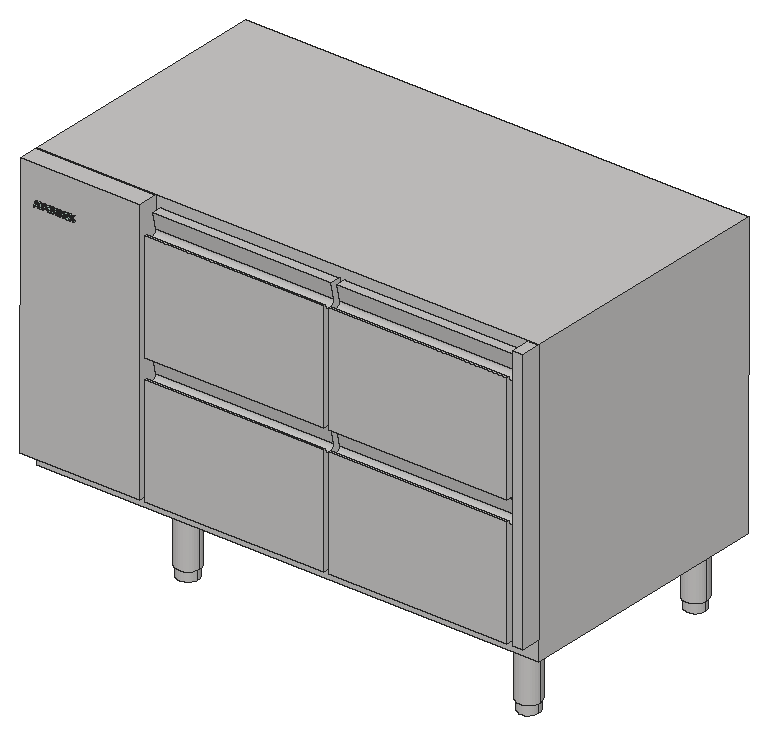
Revit family "QF_ALPENINOX_721031_AK2R7BB", category Attrezzature speciali, Revit 2018 (continued)
Definition of nested family "HPC_APX_BI_TN_L"
  Lines and regions (mm)
    Split face 120
      outline origin (110, -951.3, 50) x (1, 0, 0) y (0, 1, 0)
        loop
          arc (-176.464, 599.474) -> (-172.464, 603.474) -> (-176.464, 607.474) r 4
          line (-176.464, 607.474) -> (-218.464, 607.474)
    Split face 121
      outline origin (220, -951.3, 50) x (1, 0, 0) y (0, 1, 0)
        loop
          arc (-273.464, 607.474) -> (-277.464, 603.474) -> (-273.464, 599.474) r 4
          line (-273.464, 599.474) -> (-231.464, 599.474)
          arc (-231.464, 599.474) -> (-227.464, 603.474) -> (-231.464, 607.474) r 4
          line (-231.464, 607.474) -> (-273.464, 607.474)
    Split face 122
      outline origin (0, -975.3, 50) x (1, 0, 0) y (0, 1, 0)
        loop
          arc (-163.464, 619.474) -> (-167.464, 615.474) -> (-163.464, 611.474) r 4
          line (-163.464, 611.474) -> (-121.464, 611.474)
          arc (-121.464, 611.474) -> (-117.464, 615.474) -> (-121.464, 619.474) r 4
          line (-121.464, 619.474) -> (-163.464, 619.474)
    Split face 123
      outline origin (330, -975.3, 50) x (1, 0, 0) y (0, 1, 0)
        loop
          arc (-328.464, 619.474) -> (-332.464, 615.474) -> (-328.464, 611.474) r 4
          line (-328.464, 611.474) -> (-286.464, 611.474)
          arc (-286.464, 611.474) -> (-282.464, 615.474) -> (-286.464, 619.474) r 4
          line (-286.464, 619.474) -> (-328.464, 619.474)
    Split face 124
      outline origin (110, -975.3, 50) x (1, 0, 0) y (0, 1, 0)
        loop
          arc (-218.464, 619.474) -> (-222.464, 615.474) -> (-218.464, 611.474) r 4
          line (-218.464, 611.474) -> (-176.464, 611.474)
          arc (-176.464, 611.474) -> (-172.464, 615.474) -> (-176.464, 619.474) r 4
          line (-176.464, 619.474) -> (-218.464, 619.474)
    Split face 125
      outline origin (220, -975.3, 50) x (1, 0, 0) y (0, 1, 0)
        loop
          arc (-273.464, 619.474) -> (-277.464, 615.474) -> (-273.464, 611.474) r 4
          line (-273.464, 611.474) -> (-231.464, 611.474)
          arc (-231.464, 611.474) -> (-227.464, 615.474) -> (-231.464, 619.474) r 4
          line (-231.464, 619.474) -> (-273.464, 619.474)
    Split face 126
      outline origin (0, -999.3, 50) x (1, 0, 0) y (0, 1, 0)
        loop
          arc (-163.464, 631.474) -> (-167.464, 627.474) -> (-163.464, 623.474) r 4
          line (-163.464, 623.474) -> (-121.464, 623.474)
          arc (-121.464, 623.474) -> (-117.464, 627.474) -> (-121.464, 631.474) r 4
          line (-121.464, 631.474) -> (-163.464, 631.474)
    Split face 127
      outline origin (330, -999.3, 50) x (1, 0, 0) y (0, 1, 0)
        loop
          arc (-328.464, 631.474) -> (-332.464, 627.474) -> (-328.464, 623.474) r 4
          line (-328.464, 623.474) -> (-286.464, 623.474)
          arc (-286.464, 623.474) -> (-282.464, 627.474) -> (-286.464, 631.474) r 4
          line (-286.464, 631.474) -> (-328.464, 631.474)
    Split face 128
      outline origin (110, -999.3, 50) x (1, 0, 0) y (0, 1, 0)
        loop
          arc (-218.464, 631.474) -> (-222.464, 627.474) -> (-218.464, 623.474) r 4
          line (-218.464, 623.474) -> (-176.464, 623.474)
          arc (-176.464, 623.474) -> (-172.464, 627.474) -> (-176.464, 631.474) r 4
          line (-176.464, 631.474) -> (-218.464, 631.474)
    Split face 129
      outline origin (220, -999.3, 50) x (1, 0, 0) y (0, 1, 0)
        loop
          arc (-273.464, 631.474) -> (-277.464, 627.474) -> (-273.464, 623.474) r 4
          line (-273.464, 623.474) -> (-231.464, 623.474)
          arc (-231.464, 623.474) -> (-227.464, 627.474) -> (-231.464, 631.474) r 4
          line (-231.464, 631.474) -> (-273.464, 631.474)
    Split face 130
      outline origin (0, -1023.3, 50) x (1, 0, 0) y (0, 1, 0)
        loop
          arc (-163.464, 643.474) -> (-167.464, 639.474) -> (-163.464, 635.474) r 4
          line (-163.464, 635.474) -> (-121.464, 635.474)
          arc (-121.464, 635.474) -> (-117.464, 639.474) -> (-121.464, 643.474) r 4
          line (-121.464, 643.474) -> (-163.464, 643.474)
    Split face 131
      outline origin (330, -1023.3, 50) x (1, 0, 0) y (0, 1, 0)
        loop
          arc (-328.464, 643.474) -> (-332.464, 639.474) -> (-328.464, 635.474) r 4
          line (-328.464, 635.474) -> (-286.464, 635.474)
          arc (-286.464, 635.474) -> (-282.464, 639.474) -> (-286.464, 643.474) r 4
          line (-286.464, 643.474) -> (-328.464, 643.474)
    Split face 132
      outline origin (110, -1023.3, 50) x (1, 0, 0) y (0, 1, 0)
        loop
          arc (-218.464, 643.474) -> (-222.464, 639.474) -> (-218.464, 635.474) r 4
          line (-218.464, 635.474) -> (-176.464, 635.474)
          arc (-176.464, 635.474) -> (-172.464, 639.474) -> (-176.464, 643.474) r 4
          line (-176.464, 643.474) -> (-218.464, 643.474)
    Split face 133
      outline origin (220, -1023.3, 50) x (1, 0, 0) y (0, 1, 0)
        loop
          arc (-273.464, 643.474) -> (-277.464, 639.474) -> (-273.464, 635.474) r 4
          line (-273.464, 635.474) -> (-231.464, 635.474)
          arc (-231.464, 635.474) -> (-227.464, 639.474) -> (-231.464, 643.474) r 4
          line (-231.464, 643.474) -> (-273.464, 643.474)
    symbolic lines
      curve 1: line (87.08, -74, 50) -> (87.08, -74, 0)
  Dimensions and locks
    equal spacing: plane 6, plane 1 "Center (Front/Back)", plane 7
    equal spacing: plane 4, plane 3 "Center (Left/Right)", plane 5
    aligned and locked: plane 2 to Extrusion 1
    aligned and locked: level to Extrusion 1
  Automatic sketch dimensions
    Split face 5 sketch curve to Split face 5 sketch curve = 42 mm
    Split face 5 sketch curve to Split face 5 sketch curve = 4 mm
    Split face 6 sketch curve to Split face 6 sketch curve = 42 mm
    Split face 6 sketch curve to Split face 6 sketch curve = 4 mm
    Split face 7 sketch curve to Split face 7 sketch curve = 42 mm
    Split face 7 sketch curve to Split face 7 sketch curve = 4 mm
    Split face 8 sketch curve to Split face 8 sketch curve = 42 mm
    Split face 8 sketch curve to Split face 8 sketch curve = 4 mm
    Split face 9 sketch curve to Split face 9 sketch curve = 42 mm
    Split face 9 sketch curve to Split face 9 sketch curve = 4 mm
    Split face 10 sketch curve to Split face 10 sketch curve = 42 mm
    Split face 10 sketch curve to Split face 10 sketch curve = 4 mm
    Split face 11 sketch curve to Split face 11 sketch curve = 42 mm
    Split face 11 sketch curve to Split face 11 sketch curve = 4 mm
    Split face 12 sketch curve to Split face 12 sketch curve = 42 mm
    Split face 12 sketch curve to Split face 12 sketch curve = 4 mm
    Split face 13 sketch curve to Split face 13 sketch curve = 42 mm
    Split face 13 sketch curve to Split face 13 sketch curve = 4 mm
    Split face 14 sketch curve to Split face 14 sketch curve = 42 mm
    Split face 14 sketch curve to Split face 14 sketch curve = 4 mm
    Split face 15 sketch curve to Split face 15 sketch curve = 42 mm
    Split face 15 sketch curve to Split face 15 sketch curve = 4 mm
    Split face 16 sketch curve to Split face 16 sketch curve = 42 mm
    Split face 16 sketch curve to Split face 16 sketch curve = 4 mm
    Split face 17 sketch curve to Split face 17 sketch curve = 42 mm
    Split face 17 sketch curve to Split face 17 sketch curve = 4 mm
    Split face 18 sketch curve to Split face 18 sketch curve = 42 mm
    Split face 18 sketch curve to Split face 18 sketch curve = 4 mm
    Split face 19 sketch curve to Split face 19 sketch curve = 42 mm
    Split face 19 sketch curve to Split face 19 sketch curve = 4 mm
    Split face 20 sketch curve to Split face 20 sketch curve = 42 mm
    Split face 20 sketch curve to Split face 20 sketch curve = 4 mm
    Split face 21 sketch curve to Split face 21 sketch curve = 42 mm
    Split face 21 sketch curve to Split face 21 sketch curve = 4 mm
    Split face 22 sketch curve to Split face 22 sketch curve = 42 mm
    Split face 22 sketch curve to Split face 22 sketch curve = 4 mm
    Split face 23 sketch curve to Split face 23 sketch curve = 42 mm
    Split face 23 sketch curve to Split face 23 sketch curve = 4 mm
    Split face 24 sketch curve to Split face 24 sketch curve = 42 mm
    Split face 24 sketch curve to Split face 24 sketch curve = 4 mm
    Split face 25 sketch curve to Split face 25 sketch curve = 42 mm
    Split face 25 sketch curve to Split face 25 sketch curve = 4 mm
    Split face 26 sketch curve to Split face 26 sketch curve = 42 mm
    Split face 26 sketch curve to Split face 26 sketch curve = 4 mm
    Split face 27 sketch curve to Split face 27 sketch curve = 42 mm
    Split face 27 sketch curve to Split face 27 sketch curve = 4 mm
    Split face 28 sketch curve to Split face 28 sketch curve = 42 mm
    Split face 28 sketch curve to Split face 28 sketch curve = 4 mm
    Split face 29 sketch curve to Split face 29 sketch curve = 42 mm
    Split face 29 sketch curve to Split face 29 sketch curve = 4 mm
    Split face 30 sketch curve to Split face 30 sketch curve = 42 mm
    Split face 30 sketch curve to Split face 30 sketch curve = 4 mm
    Split face 31 sketch curve to Split face 31 sketch curve = 42 mm
    Split face 31 sketch curve to Split face 31 sketch curve = 4 mm
    Split face 32 sketch curve to Split face 32 sketch curve = 42 mm
    Split face 32 sketch curve to Split face 32 sketch curve = 4 mm
    Split face 33 sketch curve to Split face 33 sketch curve = 42 mm
    Split face 33 sketch curve to Split face 33 sketch curve = 4 mm
    Split face 34 sketch curve to Split face 34 sketch curve = 42 mm
    Split face 34 sketch curve to Split face 34 sketch curve = 4 mm
    Split face 35 sketch curve to Split face 35 sketch curve = 42 mm
    Split face 35 sketch curve to Split face 35 sketch curve = 4 mm
    Split face 36 sketch curve to Split face 36 sketch curve = 42 mm
    Split face 36 sketch curve to Split face 36 sketch curve = 4 mm
    Split face 37 sketch curve to Split face 37 sketch curve = 42 mm
    Split face 37 sketch curve to Split face 37 sketch curve = 4 mm
    Split face 38 sketch curve to Split face 38 sketch curve = 42 mm
    Split face 38 sketch curve to Split face 38 sketch curve = 4 mm
    Split face 39 sketch curve to Split face 39 sketch curve = 42 mm
    Split face 39 sketch curve to Split face 39 sketch curve = 4 mm
    Split face 40 sketch curve to Split face 40 sketch curve = 42 mm
    Split face 40 sketch curve to Split face 40 sketch curve = 4 mm
    Split face 41 sketch curve to Split face 41 sketch curve = 42 mm
    Split face 41 sketch curve to Split face 41 sketch curve = 4 mm
    Split face 42 sketch curve to Split face 42 sketch curve = 42 mm
    Split face 42 sketch curve to Split face 42 sketch curve = 4 mm
    Split face 43 sketch curve to Split face 43 sketch curve = 42 mm
    Split face 43 sketch curve to Split face 43 sketch curve = 4 mm
    Split face 44 sketch curve to Split face 44 sketch curve = 42 mm
    Split face 44 sketch curve to Split face 44 sketch curve = 4 mm
    Split face 45 sketch curve to Split face 45 sketch curve = 42 mm
    Split face 45 sketch curve to Split face 45 sketch curve = 4 mm
    Split face 46 sketch curve to Split face 46 sketch curve = 42 mm
    Split face 46 sketch curve to Split face 46 sketch curve = 4 mm
    Split face 47 sketch curve to Split face 47 sketch curve = 42 mm
    Split face 47 sketch curve to Split face 47 sketch curve = 4 mm
    Split face 48 sketch curve to Split face 48 sketch curve = 42 mm
    Split face 48 sketch curve to Split face 48 sketch curve = 4 mm
    Split face 49 sketch curve to Split face 49 sketch curve = 42 mm
    Split face 49 sketch curve to Split face 49 sketch curve = 4 mm
    Split face 50 sketch curve to Split face 50 sketch curve = 42 mm
    Split face 50 sketch curve to Split face 50 sketch curve = 4 mm
    Split face 51 sketch curve to Split face 51 sketch curve = 42 mm
    Split face 51 sketch curve to Split face 51 sketch curve = 4 mm
    Split face 52 sketch curve to Split face 52 sketch curve = 42 mm
    Split face 52 sketch curve to Split face 52 sketch curve = 4 mm
    Split face 53 sketch curve to Split face 53 sketch curve = 42 mm
    Split face 53 sketch curve to Split face 53 sketch curve = 4 mm
    Split face 54 sketch curve to Split face 54 sketch curve = 42 mm
    Split face 54 sketch curve to Split face 54 sketch curve = 4 mm
    Split face 55 sketch curve to Split face 55 sketch curve = 42 mm
    Split face 55 sketch curve to Split face 55 sketch curve = 4 mm
    Split face 56 sketch curve to Split face 56 sketch curve = 42 mm
    Split face 56 sketch curve to Split face 56 sketch curve = 4 mm
    Split face 57 sketch curve to Split face 57 sketch curve = 42 mm
    Split face 57 sketch curve to Split face 57 sketch curve = 4 mm
    Split face 58 sketch curve to Split face 58 sketch curve = 42 mm
    Split face 58 sketch curve to Split face 58 sketch curve = 4 mm
    Split face 59 sketch curve to Split face 59 sketch curve = 42 mm
    Split face 59 sketch curve to Split face 59 sketch curve = 4 mm
    Split face 60 sketch curve to Split face 60 sketch curve = 42 mm
    Split face 60 sketch curve to Split face 60 sketch curve = 4 mm
    Split face 61 sketch curve to Split face 61 sketch curve = 42 mm
    Split face 61 sketch curve to Split face 61 sketch curve = 4 mm
    Split face 62 sketch curve to Split face 62 sketch curve = 42 mm
    Split face 62 sketch curve to Split face 62 sketch curve = 4 mm
    Split face 63 sketch curve to Split face 63 sketch curve = 42 mm
    Split face 63 sketch curve to Split face 63 sketch curve = 4 mm
    Split face 64 sketch curve to Split face 64 sketch curve = 42 mm
    Split face 64 sketch curve to Split face 64 sketch curve = 4 mm
    Split face 65 sketch curve to Split face 65 sketch curve = 42 mm
    Split face 65 sketch curve to Split face 65 sketch curve = 4 mm
    Split face 66 sketch curve to Split face 66 sketch curve = 42 mm
    Split face 66 sketch curve to Split face 66 sketch curve = 4 mm
    Split face 67 sketch curve to Split face 67 sketch curve = 42 mm
    Split face 67 sketch curve to Split face 67 sketch curve = 4 mm
    Split face 68 sketch curve to Split face 68 sketch curve = 42 mm
    Split face 68 sketch curve to Split face 68 sketch curve = 4 mm
    Split face 70 sketch curve to Split face 70 sketch curve = 42 mm
    Split face 70 sketch curve to Split face 70 sketch curve = 4 mm
    Split face 71 sketch curve to Split face 71 sketch curve = 42 mm
    Split face 71 sketch curve to Split face 71 sketch curve = 4 mm
    Split face 72 sketch curve to Split face 72 sketch curve = 42 mm
    Split face 72 sketch curve to Split face 72 sketch curve = 4 mm
    Split face 73 sketch curve to Split face 73 sketch curve = 42 mm
    Split face 73 sketch curve to Split face 73 sketch curve = 4 mm
    Split face 74 sketch curve to Split face 74 sketch curve = 42 mm
    Split face 74 sketch curve to Split face 74 sketch curve = 4 mm
    Split face 75 sketch curve to Split face 75 sketch curve = 42 mm
    Split face 75 sketch curve to Split face 75 sketch curve = 4 mm
    Split face 76 sketch curve to Split face 76 sketch curve = 42 mm
    Split face 76 sketch curve to Split face 76 sketch curve = 4 mm
    Split face 77 sketch curve to Split face 77 sketch curve = 42 mm
    Split face 77 sketch curve to Split face 77 sketch curve = 4 mm
    Split face 78 sketch curve to Split face 78 sketch curve = 42 mm
    Split face 78 sketch curve to Split face 78 sketch curve = 4 mm
    Split face 79 sketch curve to Split face 79 sketch curve = 42 mm
    Split face 79 sketch curve to Split face 79 sketch curve = 4 mm
    Split face 80 sketch curve to Split face 80 sketch curve = 42 mm
    Split face 80 sketch curve to Split face 80 sketch curve = 4 mm
    Split face 81 sketch curve to Split face 81 sketch curve = 42 mm
    Split face 81 sketch curve to Split face 81 sketch curve = 4 mm
    Split face 82 sketch curve to Split face 82 sketch curve = 42 mm
    Split face 82 sketch curve to Split face 82 sketch curve = 4 mm
    Split face 83 sketch curve to Split face 83 sketch curve = 42 mm
    Split face 83 sketch curve to Split face 83 sketch curve = 4 mm
    Split face 84 sketch curve to Split face 84 sketch curve = 42 mm
    Split face 84 sketch curve to Split face 84 sketch curve = 4 mm
    Split face 85 sketch curve to Split face 85 sketch curve = 42 mm
    Split face 85 sketch curve to Split face 85 sketch curve = 4 mm
    Split face 86 sketch curve to Split face 86 sketch curve = 42 mm
    Split face 86 sketch curve to Split face 86 sketch curve = 4 mm
    Split face 87 sketch curve to Split face 87 sketch curve = 42 mm
    Split face 87 sketch curve to Split face 87 sketch curve = 4 mm
    Split face 88 sketch curve to Split face 88 sketch curve = 42 mm
    Split face 88 sketch curve to Split face 88 sketch curve = 4 mm
    Split face 89 sketch curve to Split face 89 sketch curve = 42 mm
    Split face 89 sketch curve to Split face 89 sketch curve = 4 mm
    Split face 90 sketch curve to Split face 90 sketch curve = 42 mm
    Split face 90 sketch curve to Split face 90 sketch curve = 4 mm
    Split face 91 sketch curve to Split face 91 sketch curve = 42 mm
    Split face 91 sketch curve to Split face 91 sketch curve = 4 mm
    Split face 92 sketch curve to Split face 92 sketch curve = 42 mm
    Split face 92 sketch curve to Split face 92 sketch curve = 4 mm
    Split face 93 sketch curve to Split face 93 sketch curve = 42 mm
    Split face 93 sketch curve to Split face 93 sketch curve = 4 mm
    Split face 94 sketch curve to Split face 94 sketch curve = 42 mm
    Split face 94 sketch curve to Split face 94 sketch curve = 4 mm
    Split face 95 sketch curve to Split face 95 sketch curve = 42 mm
    Split face 95 sketch curve to Split face 95 sketch curve = 4 mm
    Split face 96 sketch curve to Split face 96 sketch curve = 42 mm
    Split face 96 sketch curve to Split face 96 sketch curve = 4 mm
    Split face 97 sketch curve to Split face 97 sketch curve = 42 mm
    Split face 97 sketch curve to Split face 97 sketch curve = 4 mm
    Split face 98 sketch curve to Split face 98 sketch curve = 42 mm
    Split face 98 sketch curve to Split face 98 sketch curve = 4 mm
    Split face 99 sketch curve to Split face 99 sketch curve = 42 mm
    Split face 99 sketch curve to Split face 99 sketch curve = 4 mm
    Split face 100 sketch curve to Split face 100 sketch curve = 42 mm
    Split face 100 sketch curve to Split face 100 sketch curve = 4 mm
    Split face 101 sketch curve to Split face 101 sketch curve = 42 mm
    Split face 101 sketch curve to Split face 101 sketch curve = 4 mm
    Split face 102 sketch curve to Split face 102 sketch curve = 42 mm
    Split face 102 sketch curve to Split face 102 sketch curve = 4 mm
    Split face 103 sketch curve to Split face 103 sketch curve = 42 mm
    Split face 103 sketch curve to Split face 103 sketch curve = 4 mm
    Split face 104 sketch curve to Split face 104 sketch curve = 42 mm
    Split face 104 sketch curve to Split face 104 sketch curve = 4 mm
    Split face 105 sketch curve to Split face 105 sketch curve = 42 mm
    Split face 105 sketch curve to Split face 105 sketch curve = 4 mm
    Split face 106 sketch curve to Split face 106 sketch curve = 42 mm
    Split face 106 sketch curve to Split face 106 sketch curve = 4 mm
    Split face 107 sketch curve to Split face 107 sketch curve = 42 mm
    Split face 107 sketch curve to Split face 107 sketch curve = 4 mm
    Split face 108 sketch curve to Split face 108 sketch curve = 42 mm
    Split face 108 sketch curve to Split face 108 sketch curve = 4 mm
    Split face 109 sketch curve to Split face 109 sketch curve = 42 mm
    Split face 109 sketch curve to Split face 109 sketch curve = 4 mm
    Split face 110 sketch curve to Split face 110 sketch curve = 42 mm
    Split face 110 sketch curve to Split face 110 sketch curve = 4 mm
    Split face 111 sketch curve to Split face 111 sketch curve = 42 mm
    Split face 111 sketch curve to Split face 111 sketch curve = 4 mm
    Split face 112 sketch curve to Split face 112 sketch curve = 42 mm
    Split face 112 sketch curve to Split face 112 sketch curve = 4 mm
    Split face 113 sketch curve to Split face 113 sketch curve = 42 mm
    Split face 113 sketch curve to Split face 113 sketch curve = 4 mm
    Split face 114 sketch curve to Split face 114 sketch curve = 42 mm
    Split face 114 sketch curve to Split face 114 sketch curve = 4 mm
    Split face 115 sketch curve to Split face 115 sketch curve = 42 mm
    Split face 115 sketch curve to Split face 115 sketch curve = 4 mm
    Split face 116 sketch curve to Split face 116 sketch curve = 42 mm
    Split face 116 sketch curve to Split face 116 sketch curve = 4 mm
    Split face 117 sketch curve to Split face 117 sketch curve = 42 mm
    Split face 117 sketch curve to Split face 117 sketch curve = 4 mm
    Split face 118 sketch curve to Split face 118 sketch curve = 42 mm
    Split face 118 sketch curve to Split face 118 sketch curve = 4 mm
    Split face 119 sketch curve to Split face 119 sketch curve = 42 mm
    Split face 119 sketch curve to Split face 119 sketch curve = 4 mm
    Split face 120 sketch curve to Split face 120 sketch curve = 42 mm
    Split face 120 sketch curve to Split face 120 sketch curve = 4 mm
    Split face 121 sketch curve to Split face 121 sketch curve = 42 mm
    Split face 121 sketch curve to Split face 121 sketch curve = 4 mm
    Split face 122 sketch curve to Split face 122 sketch curve = 42 mm
    Split face 122 sketch curve to Split face 122 sketch curve = 4 mm
    Split face 123 sketch curve to Split face 123 sketch curve = 42 mm
    Split face 123 sketch curve to Split face 123 sketch curve = 4 mm
    Split face 124 sketch curve to Split face 124 sketch curve = 42 mm
    Split face 124 sketch curve to Split face 124 sketch curve = 4 mm
    Split face 125 sketch curve to Split face 125 sketch curve = 42 mm
    Split face 125 sketch curve to Split face 125 sketch curve = 4 mm
    Split face 126 sketch curve to Split face 126 sketch curve = 42 mm
    Split face 126 sketch curve to Split face 126 sketch curve = 4 mm
    Split face 127 sketch curve to Split face 127 sketch curve = 42 mm
    Split face 127 sketch curve to Split face 127 sketch curve = 4 mm
    Split face 128 sketch curve to Split face 128 sketch curve = 42 mm
    Split face 128 sketch curve to Split face 128 sketch curve = 4 mm
    Split face 129 sketch curve to Split face 129 sketch curve = 42 mm
    Split face 129 sketch curve to Split face 129 sketch curve = 4 mm
    Split face 130 sketch curve to Split face 130 sketch curve = 42 mm
    Split face 130 sketch curve to Split face 130 sketch curve = 4 mm
    Split face 131 sketch curve to Split face 131 sketch curve = 42 mm
    Split face 131 sketch curve to Split face 131 sketch curve = 4 mm
    Split face 132 sketch curve to Split face 132 sketch curve = 42 mm
    Split face 132 sketch curve to Split face 132 sketch curve = 4 mm
    Split face 133 sketch curve to Split face 133 sketch curve = 42 mm
    Split face 133 sketch curve to Split face 133 sketch curve = 4 mm
    Extrusion 1 sketch curve to Extrusion 1 sketch curve = 2438.4 mm  (x2)
    Extrusion 2 sketch curve to plane 4 = 0 mm
    Extrusion 2 sketch curve to plane 5 = 0 mm
    Extrusion 2 sketch curve to plane 7 = 0 mm
    Extrusion 2 sketch curve to plane 6 = 0 mm
    Split face 1 sketch curve to Extrusion 2 = 0 mm  (x2)
    Split face 1 sketch curve to Extrusion 2 = 34 mm
    Split face 1 sketch curve to Extrusion 2 = 104 mm
    Split face 1 sketch curve to Split face 1 sketch curve = 17.5 mm
    Split face 2 sketch curve to Extrusion 2 = 130.5 mm
    Split face 2 sketch curve to Extrusion 2 = 60.5 mm
    Split face 2 sketch curve to Extrusion 2 = 98 mm
    Split face 2 sketch curve to Split face 2 sketch curve = 23 mm
    Split face 3 sketch curve to Extrusion 2 = 80.5 mm
    Split face 3 sketch curve to Split face 3 sketch curve = 17 mm  (x2)
    Split face 3 sketch curve to Extrusion 2 = 95 mm
    plane 4 to Extrusion 3 sketch curve = 34.51 mm
    Extrusion 3 sketch curve to Extrusion 3 sketch curve = 1.266 mm
    Extrusion 3 sketch curve to Extrusion 3 sketch curve = 1.307 mm
    Extrusion 3 sketch curve to Extrusion 3 sketch curve = 0.57 mm
    Extrusion 3 sketch curve to Extrusion 3 sketch curve = 0.593 mm
    Extrusion 3 sketch curve to Extrusion 3 sketch curve = 0.799 mm
    Extrusion 3 sketch curve to Extrusion 3 sketch curve = 1.99 mm  (x2)
    Extrusion 3 sketch curve to Extrusion 3 sketch curve = 0.003 mm
    Extrusion 3 sketch curve to Extrusion 3 sketch curve = 3.534 mm
    Extrusion 3 sketch curve to Extrusion 3 sketch curve = 0.835 mm
    Extrusion 3 sketch curve to Extrusion 3 sketch curve = 0.56 mm
    Extrusion 3 sketch curve to Extrusion 3 sketch curve = 1.268 mm
    Extrusion 3 sketch curve to Extrusion 3 sketch curve = 1.223 mm
    Extrusion 3 sketch curve to Extrusion 3 sketch curve = 1.344 mm
    Extrusion 3 sketch curve to Extrusion 3 sketch curve = 1.394 mm  (x2)
    Extrusion 3 sketch curve to Extrusion 3 sketch curve = 1.512 mm
    Extrusion 3 sketch curve to Extrusion 3 sketch curve = 3.309 mm
    Extrusion 3 sketch curve to Extrusion 3 sketch curve = 5.841 mm
    Extrusion 3 sketch curve to Extrusion 3 sketch curve = 1.393 mm
    Extrusion 3 sketch curve to Extrusion 3 sketch curve = 1.439 mm
    Extrusion 3 sketch curve to Extrusion 3 sketch curve = 0 mm  (x19)
    Extrusion 3 sketch curve to Extrusion 3 sketch curve = 1.902 mm
    Extrusion 3 sketch curve to Extrusion 3 sketch curve = 0.052 mm
    Extrusion 3 sketch curve to Extrusion 3 sketch curve = 2.065 mm
    Extrusion 3 sketch curve to Extrusion 3 sketch curve = 0.647 mm
    Extrusion 3 sketch curve to Extrusion 3 sketch curve = 8.079 mm
    Extrusion 3 sketch curve to Extrusion 3 sketch curve = 0.073 mm
    Extrusion 3 sketch curve to Extrusion 3 sketch curve = 2.145 mm
    Extrusion 3 sketch curve to Extrusion 3 sketch curve = 2.931 mm
    Extrusion 3 sketch curve to Extrusion 3 sketch curve = 0.213 mm
    Extrusion 3 sketch curve to Extrusion 3 sketch curve = 0.026 mm
    Extrusion 3 sketch curve to Extrusion 3 sketch curve = 0.263 mm
    Extrusion 3 sketch curve to Extrusion 3 sketch curve = 0.516 mm
    Extrusion 3 sketch curve to Extrusion 3 sketch curve = 0.356 mm
    Extrusion 3 sketch curve to Extrusion 3 sketch curve = 0.387 mm
    Extrusion 3 sketch curve to Extrusion 3 sketch curve = 2.378 mm
    Extrusion 3 sketch curve to Extrusion 3 sketch curve = 2.466 mm
    Extrusion 3 sketch curve to Extrusion 3 sketch curve = 0.602 mm
    Extrusion 3 sketch curve to Extrusion 3 sketch curve = 1.02 mm
    Extrusion 3 sketch curve to Extrusion 3 sketch curve = 0.949 mm
    Extrusion 3 sketch curve to Extrusion 3 sketch curve = 1.728 mm
    Extrusion 3 sketch curve to Extrusion 3 sketch curve = 0.157 mm  (x2)
    Extrusion 3 sketch curve to Extrusion 3 sketch curve = 0.292 mm
    Extrusion 3 sketch curve to Extrusion 3 sketch curve = 3.565 mm
    Extrusion 3 sketch curve to Extrusion 3 sketch curve = 1.396 mm  (x2)
    Extrusion 3 sketch curve to Extrusion 3 sketch curve = 1.418 mm  (x2)
    Extrusion 3 sketch curve to Extrusion 3 sketch curve = 1.151 mm  (x2)
    Extrusion 3 sketch curve to Extrusion 3 sketch curve = 5.709 mm  (x2)
    Extrusion 3 sketch curve to Extrusion 3 sketch curve = 0.224 mm  (x2)
    Extrusion 3 sketch curve to Extrusion 3 sketch curve = 1.149 mm  (x2)
    Extrusion 3 sketch curve to Extrusion 3 sketch curve = 1.395 mm  (x2)
    Extrusion 3 sketch curve to Extrusion 3 sketch curve = 1.744 mm
    Extrusion 3 sketch curve to Extrusion 3 sketch curve = 1.745 mm
    Extrusion 3 sketch curve to Extrusion 3 sketch curve = 6.963 mm
    Extrusion 3 sketch curve to Extrusion 3 sketch curve = 0.493 mm  (x3)
    Extrusion 3 sketch curve to Extrusion 3 sketch curve = 0.273 mm  (x2)
    Extrusion 3 sketch curve to Extrusion 3 sketch curve = 0.021 mm  (x2)
    Extrusion 3 sketch curve to Extrusion 3 sketch curve = 0.226 mm  (x2)
    Extrusion 3 sketch curve to Extrusion 3 sketch curve = 0.268 mm  (x2)
    Extrusion 3 sketch curve to Extrusion 3 sketch curve = 0.294 mm
    Extrusion 3 sketch curve to Extrusion 3 sketch curve = 5.238 mm
    Extrusion 3 sketch curve to Extrusion 3 sketch curve = 5.908 mm
    Extrusion 3 sketch curve to Extrusion 3 sketch curve = 1.109 mm  (x2)
    Extrusion 3 sketch curve to Extrusion 3 sketch curve = 1.108 mm  (x2)
    Extrusion 3 sketch curve to Extrusion 3 sketch curve = 1.142 mm  (x2)
    Extrusion 3 sketch curve to Extrusion 3 sketch curve = 1.216 mm  (x2)
    Extrusion 3 sketch curve to Extrusion 3 sketch curve = 3.013 mm
    Extrusion 3 sketch curve to Extrusion 3 sketch curve = 1.616 mm  (x3)
    Extrusion 3 sketch curve to Extrusion 3 sketch curve = 2.305 mm
    Extrusion 3 sketch curve to Extrusion 3 sketch curve = 3.049 mm
    Extrusion 3 sketch curve to plane 6 = 93.469 mm
    Extrusion 3 sketch curve to Extrusion 3 sketch curve = 0.498 mm
    Extrusion 3 sketch curve to Extrusion 3 sketch curve = 0.682 mm
    Extrusion 3 sketch curve to Extrusion 3 sketch curve = 0.664 mm
    Extrusion 3 sketch curve to Extrusion 3 sketch curve = 0.425 mm
    Extrusion 3 sketch curve to Extrusion 3 sketch curve = 0.41 mm
    Extrusion 3 sketch curve to Extrusion 3 sketch curve = 1.272 mm
    Extrusion 3 sketch curve to Extrusion 3 sketch curve = 0.789 mm  (x2)
    Extrusion 3 sketch curve to Extrusion 3 sketch curve = 0.056 mm
    Extrusion 3 sketch curve to Extrusion 3 sketch curve = 0.83 mm
    Extrusion 3 sketch curve to Extrusion 3 sketch curve = 1.238 mm
    Extrusion 3 sketch curve to Extrusion 3 sketch curve = 1.732 mm
    Extrusion 3 sketch curve to Extrusion 3 sketch curve = 0.346 mm
    Extrusion 3 sketch curve to Extrusion 3 sketch curve = 1.123 mm
    Extrusion 3 sketch curve to Extrusion 3 sketch curve = 3.023 mm
    Extrusion 3 sketch curve to Extrusion 3 sketch curve = 4.203 mm
    Extrusion 3 sketch curve to Extrusion 3 sketch curve = 3.452 mm  (x2)
    Extrusion 3 sketch curve to Extrusion 3 sketch curve = 2.544 mm
    Extrusion 3 sketch curve to Extrusion 3 sketch curve = 1.177 mm
    Extrusion 3 sketch curve to Extrusion 3 sketch curve = 3.261 mm
    Extrusion 3 sketch curve to Extrusion 3 sketch curve = 0.352 mm  (x2)
    Extrusion 3 sketch curve to Extrusion 3 sketch curve = 1.987 mm
    Extrusion 3 sketch curve to Extrusion 3 sketch curve = 0.171 mm
    Extrusion 3 sketch curve to Extrusion 3 sketch curve = 0.533 mm  (x3)
    Extrusion 3 sketch curve to Extrusion 3 sketch curve = 0.14 mm  (x4)
    Extrusion 3 sketch curve to Extrusion 3 sketch curve = 0.473 mm
    Extrusion 3 sketch curve to Extrusion 3 sketch curve = 0.31 mm  (x2)
    Extrusion 3 sketch curve to Extrusion 3 sketch curve = 0.075 mm
    Extrusion 3 sketch curve to Extrusion 3 sketch curve = 2.431 mm
    Extrusion 3 sketch curve to Extrusion 3 sketch curve = 2.32 mm  (x2)
    Extrusion 3 sketch curve to Extrusion 3 sketch curve = 1.992 mm
    Extrusion 3 sketch curve to Extrusion 3 sketch curve = 0.674 mm
    Extrusion 3 sketch curve to Extrusion 3 sketch curve = 0.732 mm
    Extrusion 3 sketch curve to Extrusion 3 sketch curve = 0.388 mm
    Extrusion 3 sketch curve to Extrusion 3 sketch curve = 0.121 mm
    Extrusion 3 sketch curve to Extrusion 3 sketch curve = 2.589 mm
    Extrusion 3 sketch curve to Extrusion 3 sketch curve = 0.662 mm
    Extrusion 3 sketch curve to Extrusion 3 sketch curve = 3.473 mm
    Extrusion 3 sketch curve to Extrusion 3 sketch curve = 0.681 mm
    Extrusion 3 sketch curve to Extrusion 3 sketch curve = 1.615 mm
    Extrusion 3 sketch curve to Extrusion 3 sketch curve = 0.34 mm
    Extrusion 3 sketch curve to Extrusion 3 sketch curve = 2.288 mm
    Extrusion 3 sketch curve to Extrusion 3 sketch curve = 0.942 mm
    Extrusion 3 sketch curve to Extrusion 3 sketch curve = 5.4 mm
    Extrusion 3 sketch curve to Extrusion 3 sketch curve = 1.768 mm  (x2)
    Extrusion 3 sketch curve to Extrusion 3 sketch curve = 0.761 mm
    Extrusion 3 sketch curve to Extrusion 3 sketch curve = 0.996 mm
    Extrusion 3 sketch curve to Extrusion 3 sketch curve = 3.543 mm  (x2)
    Extrusion 3 sketch curve to Extrusion 3 sketch curve = 7.017 mm
    Extrusion 3 sketch curve to Extrusion 3 sketch curve = 0.11 mm
    Extrusion 3 sketch curve to Extrusion 3 sketch curve = 0.823 mm  (x2)
    Extrusion 3 sketch curve to Extrusion 3 sketch curve = 0.947 mm
    Extrusion 3 sketch curve to Extrusion 3 sketch curve = 3.837 mm
    Extrusion 3 sketch curve to Extrusion 3 sketch curve = 0.623 mm
    Extrusion 3 sketch curve to Extrusion 3 sketch curve = 1.082 mm
    Extrusion 3 sketch curve to Extrusion 3 sketch curve = 0.801 mm
    Extrusion 3 sketch curve to Extrusion 3 sketch curve = 1 mm
    Extrusion 3 sketch curve to Extrusion 3 sketch curve = 0.089 mm
    Extrusion 3 sketch curve to Extrusion 3 sketch curve = 4.257 mm
    Extrusion 3 sketch curve to Extrusion 3 sketch curve = 4.345 mm  (x2)
    Extrusion 3 sketch curve to Extrusion 3 sketch curve = 2.576 mm
    Extrusion 3 sketch curve to Extrusion 3 sketch curve = 1.385 mm  (x4)
    Extrusion 3 sketch curve to Extrusion 3 sketch curve = 2.133 mm  (x4)
    Extrusion 3 sketch curve to Extrusion 3 sketch curve = 3.518 mm
    Extrusion 3 sketch curve to Extrusion 3 sketch curve = 5.603 mm
    Extrusion 3 sketch curve to Extrusion 3 sketch curve = 2.571 mm
    Split face 4 sketch curve to Extrusion 2 = 0 mm  (x2)
    Split face 4 sketch curve to Extrusion 2 = 64 mm
    Split face 69 sketch curve to Extrusion 2 = 0 mm  (x2)
    Split face 69 sketch curve to Extrusion 2 = 109 mm
    Split face 5 sketch curve to Extrusion 2 = 43.456 mm
    Split face 5 sketch curve to Extrusion 2 = 128.176 mm
    Split face 6 sketch curve to Extrusion 2 = 85.544 mm
    Split face 6 sketch curve to Extrusion 2 = 128.176 mm
    Split face 7 sketch curve to Extrusion 2 = 98.456 mm
    Split face 7 sketch curve to Extrusion 2 = 128.176 mm
    Split face 8 sketch curve to Extrusion 2 = 140.544 mm
    Split face 8 sketch curve to Extrusion 2 = 128.176 mm
    Split face 9 sketch curve to Extrusion 2 = 43.456 mm
    Split face 9 sketch curve to Extrusion 2 = 140.176 mm
    Split face 10 sketch curve to Extrusion 2 = 85.544 mm
    Split face 10 sketch curve to Extrusion 2 = 140.176 mm
    Split face 11 sketch curve to Extrusion 2 = 98.456 mm
    Split face 11 sketch curve to Extrusion 2 = 140.176 mm
    Split face 12 sketch curve to Extrusion 2 = 140.544 mm
    Split face 12 sketch curve to Extrusion 2 = 140.176 mm
    Split face 13 sketch curve to Extrusion 2 = 43.456 mm
    Split face 13 sketch curve to Extrusion 2 = 152.176 mm
    Split face 14 sketch curve to Extrusion 2 = 85.544 mm
    Split face 14 sketch curve to Extrusion 2 = 152.176 mm
    Split face 15 sketch curve to Extrusion 2 = 98.456 mm
    Split face 15 sketch curve to Extrusion 2 = 152.176 mm
    Split face 16 sketch curve to Extrusion 2 = 140.544 mm
    Split face 16 sketch curve to Extrusion 2 = 152.176 mm
    Split face 17 sketch curve to Extrusion 2 = 43.456 mm
    Split face 17 sketch curve to Extrusion 2 = 164.176 mm
    Split face 18 sketch curve to Extrusion 2 = 85.544 mm
    Split face 18 sketch curve to Extrusion 2 = 164.176 mm
    Split face 19 sketch curve to Extrusion 2 = 98.456 mm
    Split face 19 sketch curve to Extrusion 2 = 164.176 mm
    Split face 20 sketch curve to Extrusion 2 = 140.544 mm
    Split face 20 sketch curve to Extrusion 2 = 164.176 mm
    Split face 21 sketch curve to Extrusion 2 = 43.456 mm
    Split face 21 sketch curve to Extrusion 2 = 176.176 mm
    Split face 22 sketch curve to Extrusion 2 = 85.544 mm
    Split face 22 sketch curve to Extrusion 2 = 176.176 mm
    Split face 23 sketch curve to Extrusion 2 = 98.456 mm
    Split face 23 sketch curve to Extrusion 2 = 176.176 mm
    Split face 24 sketch curve to Extrusion 2 = 140.544 mm
    Split face 24 sketch curve to Extrusion 2 = 176.176 mm
    Split face 25 sketch curve to Extrusion 2 = 43.456 mm
    Split face 25 sketch curve to Extrusion 2 = 188.176 mm
    Split face 26 sketch curve to Extrusion 2 = 85.544 mm
    Split face 26 sketch curve to Extrusion 2 = 188.176 mm
    Split face 27 sketch curve to Extrusion 2 = 98.456 mm
    Split face 27 sketch curve to Extrusion 2 = 188.176 mm
    Split face 28 sketch curve to Extrusion 2 = 140.544 mm
    Split face 28 sketch curve to Extrusion 2 = 188.176 mm
    Split face 29 sketch curve to Extrusion 2 = 43.456 mm
    Split face 29 sketch curve to Extrusion 2 = 200.176 mm
    Split face 30 sketch curve to Extrusion 2 = 85.544 mm
    Split face 30 sketch curve to Extrusion 2 = 200.176 mm
    Split face 31 sketch curve to Extrusion 2 = 98.456 mm
    Split face 31 sketch curve to Extrusion 2 = 200.176 mm
    Split face 32 sketch curve to Extrusion 2 = 140.544 mm
    Split face 32 sketch curve to Extrusion 2 = 200.176 mm
    Split face 33 sketch curve to Extrusion 2 = 43.456 mm
    Split face 33 sketch curve to Extrusion 2 = 212.176 mm
    Split face 34 sketch curve to Extrusion 2 = 85.544 mm
    Split face 34 sketch curve to Extrusion 2 = 212.176 mm
    Split face 35 sketch curve to Extrusion 2 = 98.456 mm
    Split face 35 sketch curve to Extrusion 2 = 212.176 mm
    Split face 36 sketch curve to Extrusion 2 = 140.544 mm
    Split face 36 sketch curve to Extrusion 2 = 212.176 mm
    Split face 37 sketch curve to Extrusion 2 = 43.456 mm
    Split face 37 sketch curve to Extrusion 2 = 224.176 mm
    Split face 38 sketch curve to Extrusion 2 = 85.544 mm
    Split face 38 sketch curve to Extrusion 2 = 224.176 mm
    Split face 39 sketch curve to Extrusion 2 = 98.456 mm
    Split face 39 sketch curve to Extrusion 2 = 224.176 mm
    Split face 40 sketch curve to Extrusion 2 = 140.544 mm
    Split face 40 sketch curve to Extrusion 2 = 224.176 mm
    Split face 41 sketch curve to Extrusion 2 = 43.456 mm
    Split face 41 sketch curve to Extrusion 2 = 236.176 mm
    Split face 42 sketch curve to Extrusion 2 = 85.544 mm
    Split face 42 sketch curve to Extrusion 2 = 236.176 mm
    Split face 43 sketch curve to Extrusion 2 = 98.456 mm
    Split face 43 sketch curve to Extrusion 2 = 236.176 mm
    Split face 44 sketch curve to Extrusion 2 = 140.544 mm
    Split face 44 sketch curve to Extrusion 2 = 236.176 mm
    Split face 45 sketch curve to Extrusion 2 = 43.456 mm
    Split face 45 sketch curve to Extrusion 2 = 248.176 mm
    Split face 46 sketch curve to Extrusion 2 = 85.544 mm
    Split face 46 sketch curve to Extrusion 2 = 248.176 mm
    Split face 47 sketch curve to Extrusion 2 = 98.456 mm
    Split face 47 sketch curve to Extrusion 2 = 248.176 mm
    Split face 48 sketch curve to Extrusion 2 = 140.544 mm
    Split face 48 sketch curve to Extrusion 2 = 248.176 mm
    Split face 49 sketch curve to Extrusion 2 = 43.456 mm
    Split face 49 sketch curve to Extrusion 2 = 260.176 mm
    Split face 50 sketch curve to Extrusion 2 = 85.544 mm
    Split face 50 sketch curve to Extrusion 2 = 260.176 mm
    Split face 51 sketch curve to Extrusion 2 = 98.456 mm
    Split face 51 sketch curve to Extrusion 2 = 260.176 mm
    Split face 52 sketch curve to Extrusion 2 = 140.544 mm
    Split face 52 sketch curve to Extrusion 2 = 260.176 mm
    Split face 53 sketch curve to Extrusion 2 = 43.456 mm
    Split face 53 sketch curve to Extrusion 2 = 272.176 mm
    Split face 54 sketch curve to Extrusion 2 = 85.544 mm
    Split face 54 sketch curve to Extrusion 2 = 272.176 mm
    Split face 55 sketch curve to Extrusion 2 = 98.456 mm
    Split face 55 sketch curve to Extrusion 2 = 272.176 mm
    Split face 56 sketch curve to Extrusion 2 = 140.544 mm
    Split face 56 sketch curve to Extrusion 2 = 272.176 mm
    Split face 57 sketch curve to Extrusion 2 = 43.456 mm
    Split face 57 sketch curve to Extrusion 2 = 284.176 mm
    Split face 58 sketch curve to Extrusion 2 = 85.544 mm
    Split face 58 sketch curve to Extrusion 2 = 284.176 mm
    Split face 59 sketch curve to Extrusion 2 = 98.456 mm
    Split face 59 sketch curve to Extrusion 2 = 284.176 mm
    Split face 60 sketch curve to Extrusion 2 = 140.544 mm
    Split face 60 sketch curve to Extrusion 2 = 284.176 mm
    Split face 61 sketch curve to Extrusion 2 = 43.456 mm
    Split face 61 sketch curve to Extrusion 2 = 296.176 mm
    Split face 62 sketch curve to Extrusion 2 = 85.544 mm
    Split face 62 sketch curve to Extrusion 2 = 296.176 mm
    Split face 63 sketch curve to Extrusion 2 = 98.456 mm
    Split face 63 sketch curve to Extrusion 2 = 296.176 mm
    Split face 64 sketch curve to Extrusion 2 = 140.544 mm
    Split face 64 sketch curve to Extrusion 2 = 296.176 mm
    Split face 65 sketch curve to Extrusion 2 = 43.456 mm
    Split face 65 sketch curve to Extrusion 2 = 308.176 mm
    Split face 66 sketch curve to Extrusion 2 = 85.544 mm
    Split face 66 sketch curve to Extrusion 2 = 308.176 mm
    Split face 67 sketch curve to Extrusion 2 = 98.456 mm
    Split face 67 sketch curve to Extrusion 2 = 308.176 mm
    Split face 68 sketch curve to Extrusion 2 = 140.544 mm
    Split face 68 sketch curve to Extrusion 2 = 308.176 mm
    Split face 70 sketch curve to Extrusion 2 = 43.456 mm
    Split face 70 sketch curve to Extrusion 2 = 192.174 mm
    Split face 71 sketch curve to Extrusion 2 = 85.544 mm
    Split face 71 sketch curve to Extrusion 2 = 192.174 mm
    Split face 72 sketch curve to Extrusion 2 = 98.456 mm
    Split face 72 sketch curve to Extrusion 2 = 192.174 mm
    Split face 73 sketch curve to Extrusion 2 = 140.544 mm
    Split face 73 sketch curve to Extrusion 2 = 192.174 mm
    Split face 74 sketch curve to Extrusion 2 = 43.456 mm
    Split face 74 sketch curve to Extrusion 2 = 180.174 mm
    Split face 75 sketch curve to Extrusion 2 = 85.544 mm
    Split face 75 sketch curve to Extrusion 2 = 180.174 mm
    Split face 76 sketch curve to Extrusion 2 = 98.456 mm
    Split face 76 sketch curve to Extrusion 2 = 180.174 mm
    Split face 77 sketch curve to Extrusion 2 = 140.544 mm
    Split face 77 sketch curve to Extrusion 2 = 180.174 mm
    Split face 78 sketch curve to Extrusion 2 = 43.456 mm
    Split face 78 sketch curve to Extrusion 2 = 168.174 mm
    Split face 79 sketch curve to Extrusion 2 = 85.544 mm
    Split face 79 sketch curve to Extrusion 2 = 168.174 mm
    Split face 80 sketch curve to Extrusion 2 = 98.456 mm
    Split face 80 sketch curve to Extrusion 2 = 168.174 mm
    Split face 81 sketch curve to Extrusion 2 = 140.544 mm
    Split face 81 sketch curve to Extrusion 2 = 168.174 mm
    Split face 82 sketch curve to Extrusion 2 = 43.456 mm
    Split face 82 sketch curve to Extrusion 2 = 156.174 mm
    Split face 83 sketch curve to Extrusion 2 = 85.544 mm
    Split face 83 sketch curve to Extrusion 2 = 156.174 mm
    Split face 84 sketch curve to Extrusion 2 = 98.456 mm
    Split face 84 sketch curve to Extrusion 2 = 156.174 mm
    Split face 85 sketch curve to Extrusion 2 = 140.544 mm
    Split face 85 sketch curve to Extrusion 2 = 156.174 mm
    Split face 86 sketch curve to Extrusion 2 = 43.456 mm
    Split face 86 sketch curve to Extrusion 2 = 144.174 mm
    Split face 87 sketch curve to Extrusion 2 = 85.544 mm
    Split face 87 sketch curve to Extrusion 2 = 144.174 mm
    Split face 88 sketch curve to Extrusion 2 = 98.456 mm
    Split face 88 sketch curve to Extrusion 2 = 144.174 mm
    Split face 89 sketch curve to Extrusion 2 = 140.544 mm
    Split face 89 sketch curve to Extrusion 2 = 144.174 mm
    Split face 90 sketch curve to Extrusion 2 = 43.456 mm
    Split face 90 sketch curve to Extrusion 2 = 132.174 mm
    Split face 91 sketch curve to Extrusion 2 = 85.544 mm
    Split face 91 sketch curve to Extrusion 2 = 132.174 mm
    Split face 92 sketch curve to Extrusion 2 = 98.456 mm
    Split face 92 sketch curve to Extrusion 2 = 132.174 mm
    Split face 93 sketch curve to Extrusion 2 = 140.544 mm
    Split face 93 sketch curve to Extrusion 2 = 132.174 mm
    Split face 94 sketch curve to Extrusion 2 = 43.456 mm
    Split face 94 sketch curve to Extrusion 2 = 120.174 mm
    Split face 95 sketch curve to Extrusion 2 = 85.544 mm
    Split face 95 sketch curve to Extrusion 2 = 120.174 mm
    Split face 96 sketch curve to Extrusion 2 = 98.456 mm
    Split face 96 sketch curve to Extrusion 2 = 120.174 mm
    Split face 97 sketch curve to Extrusion 2 = 140.544 mm
    Split face 97 sketch curve to Extrusion 2 = 120.174 mm
    Split face 98 sketch curve to Extrusion 2 = 43.456 mm
    Split face 98 sketch curve to Extrusion 2 = 108.174 mm
    Split face 99 sketch curve to Extrusion 2 = 85.544 mm
    Split face 99 sketch curve to Extrusion 2 = 108.174 mm
    Split face 100 sketch curve to Extrusion 2 = 98.456 mm
    Split face 100 sketch curve to Extrusion 2 = 108.174 mm
    Split face 101 sketch curve to Extrusion 2 = 140.544 mm
    Split face 101 sketch curve to Extrusion 2 = 108.174 mm
    Split face 102 sketch curve to Extrusion 2 = 43.456 mm
    Split face 102 sketch curve to Extrusion 2 = 96.174 mm
    Split face 103 sketch curve to Extrusion 2 = 85.544 mm
    Split face 103 sketch curve to Extrusion 2 = 96.174 mm
    Split face 104 sketch curve to Extrusion 2 = 98.456 mm
    Split face 104 sketch curve to Extrusion 2 = 96.174 mm
    Split face 105 sketch curve to Extrusion 2 = 140.544 mm
    Split face 105 sketch curve to Extrusion 2 = 96.174 mm
    Split face 106 sketch curve to Extrusion 2 = 43.456 mm
    Split face 106 sketch curve to Extrusion 2 = 84.174 mm
    Split face 107 sketch curve to Extrusion 2 = 85.544 mm
    Split face 107 sketch curve to Extrusion 2 = 84.174 mm
    Split face 108 sketch curve to Extrusion 2 = 98.456 mm
    Split face 108 sketch curve to Extrusion 2 = 84.174 mm
    Split face 109 sketch curve to Extrusion 2 = 140.544 mm
    Split face 109 sketch curve to Extrusion 2 = 84.174 mm
    Split face 110 sketch curve to Extrusion 2 = 43.456 mm
    Split face 110 sketch curve to Extrusion 2 = 72.174 mm
    Split face 111 sketch curve to Extrusion 2 = 85.544 mm
    Split face 111 sketch curve to Extrusion 2 = 72.174 mm
    Split face 112 sketch curve to Extrusion 2 = 98.456 mm
    Split face 112 sketch curve to Extrusion 2 = 72.174 mm
    Split face 113 sketch curve to Extrusion 2 = 140.544 mm
    Split face 113 sketch curve to Extrusion 2 = 72.174 mm
    Split face 114 sketch curve to Extrusion 2 = 43.456 mm
    Split face 114 sketch curve to Extrusion 2 = 60.174 mm
    Split face 115 sketch curve to Extrusion 2 = 85.544 mm
    Split face 115 sketch curve to Extrusion 2 = 60.174 mm
    Split face 116 sketch curve to Extrusion 2 = 98.456 mm
    Split face 116 sketch curve to Extrusion 2 = 60.174 mm
    Split face 117 sketch curve to Extrusion 2 = 68.174 mm
    Split face 117 sketch curve to Extrusion 2 = 140.544 mm
    Split face 118 sketch curve to Extrusion 2 = 43.456 mm
    Split face 118 sketch curve to Extrusion 2 = 48.174 mm
    Split face 119 sketch curve to Extrusion 2 = 85.544 mm
    Split face 119 sketch curve to Extrusion 2 = 48.174 mm
    Split face 120 sketch curve to Extrusion 2 = 98.456 mm
    Split face 120 sketch curve to Extrusion 2 = 48.174 mm
    Split face 121 sketch curve to Extrusion 2 = 56.174 mm
    Split face 121 sketch curve to Extrusion 2 = 140.544 mm
    Split face 122 sketch curve to Extrusion 2 = 43.456 mm
    Split face 122 sketch curve to Extrusion 2 = 36.174 mm
    Split face 123 sketch curve to Extrusion 2 = 85.544 mm
    Split face 123 sketch curve to Extrusion 2 = 36.174 mm
    Split face 124 sketch curve to Extrusion 2 = 44.174 mm
    Split face 124 sketch curve to Extrusion 2 = 98.456 mm
    Split face 125 sketch curve to Extrusion 2 = 44.174 mm
    Split face 125 sketch curve to Extrusion 2 = 140.544 mm
    Split face 126 sketch curve to Extrusion 2 = 43.456 mm
    Split face 126 sketch curve to Extrusion 2 = 24.174 mm
    Split face 127 sketch curve to Extrusion 2 = 32.174 mm
    Split face 127 sketch curve to Extrusion 2 = 85.544 mm
    Split face 128 sketch curve to Extrusion 2 = 32.174 mm
    Split face 128 sketch curve to Extrusion 2 = 98.456 mm
    Split face 129 sketch curve to Extrusion 2 = 32.174 mm
    Split face 129 sketch curve to Extrusion 2 = 140.544 mm
    Split face 130 sketch curve to Extrusion 2 = 20.174 mm
    Split face 130 sketch curve to Extrusion 2 = 43.456 mm
    Split face 131 sketch curve to Extrusion 2 = 20.174 mm
    Split face 131 sketch curve to Extrusion 2 = 85.544 mm
    Split face 132 sketch curve to Extrusion 2 = 20.174 mm
    Split face 132 sketch curve to Extrusion 2 = 98.456 mm
    Split face 133 sketch curve to Extrusion 2 = 20.174 mm
    Split face 133 sketch curve to Extrusion 2 = 140.544 mm
    curve 1 to level = 0 mm
    curve 1 to plane 5 = 0 mm
    curve 1 to curve 1 = 50 mm
Definition of nested family "HPC_APX_HALF"
  Parameters
    Show Clearance [instance] = yes
    Default Elevation = 1219.2 mm
  Reference planes
    plane 1 "Center (Front/Back)": y = 0
    plane 2: z = 0
    plane 3 "Center (Left/Right)": x = 0
    plane 4: x = -234
    plane 5: x = 234
    plane 6: z = 618
  Forms (mm)
    Extrusion 1, solid
      sketch origin (0, 0, 0) x (1, 0, 0) y (0, 1, 0)
        loop
          line (-1219.2, 1219.2) -> (-1219.2, -1219.2) -> (1219.2, -1219.2) -> (1219.2, 1219.2) -> (-1219.2, 1219.2)
      from 0 to -304.8
    Extrusion 2, solid
      sketch origin (0, 0, 0) x (0, 1, 0) y (0, 0, 1)
        loop
          line (314, 0) -> (314, 26) -> (274.395, 17)
          arc (274.395, 17) -> (260.395, 31) -> (274.395, 45) r 14
          line (274.395, 45) -> (274.395, 50) -> (5, 50) -> (5, 0) -> (314, 0)
        loop
          line (-5, 0) -> (-5, 26) -> (-44.605, 17)
          arc (-44.605, 17) -> (-58.605, 31) -> (-44.605, 45) r 14
          line (-44.605, 45) -> (-44.605, 50) -> (-314, 50) -> (-314, 0) -> (-5, 0)
      from -220 to 220
    Extrusion 3, solid, visible <- "Show Clearance", detail levels coarse
      sketch origin (0, 0, 512) x (0, 1, 0) y (0, 0, 1)
        loop
          line (-314, 106) -> (-314, -462) -> (-5, -462) -> (-5, 82) -> (-44.605, 73)
          arc (-44.605, 73) -> (-58.605, 87) -> (-44.605, 101) r 14
          line (-44.605, 101) -> (-44.605, 106) -> (-314, 106)
        loop
          line (314, -462) -> (314, 82) -> (274.395, 73)
          arc (274.395, 73) -> (260.395, 87) -> (274.395, 101) r 14
          line (274.395, 101) -> (274.395, 106) -> (5, 106) -> (5, -462) -> (314, -462)
      from -220 to 220
  Lines and regions (mm)
    symbolic lines
      curve 1: line (220, 0, 139.793) -> (-220, 0, 139.793)
      curve 2: line (220, 0, 174.793) -> (-220, 0, 174.793)
      curve 3: line (220, 0, 259.793) -> (-220, 0, 259.793)
      curve 4: line (220, 0, 294.793) -> (-220, 0, 294.793)
      curve 5: line (191.424, 0, 139.793) -> (191.424, 0, 54.793)
      curve 6: line (-190, 0, 139.793) -> (-190, 0, 54.793)
      curve 7: line (191.424, 0, 259.793) -> (191.424, 0, 174.793)
      curve 8: line (-190, 0, 259.793) -> (-190, 0, 174.793)
      curve 9: line (220, 0, 259.793) -> (220, 0, 294.793)
      curve 10: line (-220, 0, 259.793) -> (-220, 0, 294.793)
      curve 11: line (220, 0, 139.793) -> (220, 0, 174.793)
      curve 12: line (-220, 0, 139.793) -> (-220, 0, 174.793)
  Dimensions and locks
    plane 4 to plane 3 "Center (Left/Right)" to plane 5 = 234 mm locked, 234 mm locked
    plane 6 to level = 618 mm
    aligned and locked: plane 2 to Extrusion 1
    aligned and locked: level to Extrusion 1
Definition of nested family "HPC_Refrigerator"
  Reference planes
    plane 1 "Center (Front/Back)": y = 0
    plane 2: z = 0
    plane 3 "Center (Left/Right)": x = 0
  Lines and regions (mm)
    detail lines, in view "Ref. Level"
      curve 1: spline (-500, 190, 0) -> (-493.185, 166.706, 0) -> (-473.205, 145, 0) -> (-441.421, 126.36, 0) -> (-400, 112.058, 0) -> (-351.764, 103.067, 0) -> (-300, 100, 0) -> (-248.236, 103.067, 0) -> (-200, 112.058, 0) -> (-158.579, 126.36, 0) -> (-126.795, 145, 0) -> (-106.815, 166.706, 0) -> (-100, 190, 0) -> (-106.815, 213.294, 0) -> (-126.795, 235, 0) -> (-158.579, 253.64, 0) -> (-200, 267.942, 0) -> (-248.236, 276.933, 0) -> (-300, 280, 0) -> (-351.764, 276.933, 0) -> (-400, 267.942, 0) -> (-441.421, 253.64, 0) -> (-473.205, 235, 0) -> (-493.185, 213.294, 0) -> (-500, 190, 0)
      curve 2: line (-300, 130, 0) -> (-300, 250, 0)
      curve 3: line (-351.962, 220, 0) -> (-248.038, 160, 0)
      curve 4: line (-351.962, 160, 0) -> (-248.038, 220, 0)
      curve 5: line (-280.884, 246.873, 0) -> (-300, 225, 0)
      curve 6: line (-300, 225, 0) -> (-319.116, 246.873, 0)
      curve 7: line (-330.311, 207.5, 0) -> (-339.696, 234.992, 0)
      curve 8: line (-358.812, 201.882, 0) -> (-330.311, 207.5, 0)
      curve 9: line (-330.311, 172.5, 0) -> (-358.812, 178.118, 0)
      curve 10: line (-339.696, 145.008, 0) -> (-330.311, 172.5, 0)
      curve 11: line (-300, 155, 0) -> (-319.116, 133.127, 0)
      curve 12: line (-280.884, 133.127, 0) -> (-300, 155, 0)
      curve 13: line (-269.689, 172.5, 0) -> (-260.304, 145.008, 0)
      curve 14: line (-241.188, 178.118, 0) -> (-269.689, 172.5, 0)
      curve 15: line (-269.689, 207.5, 0) -> (-241.188, 201.882, 0)
      curve 16: line (-260.304, 234.992, 0) -> (-269.689, 207.5, 0)
Types (2, lengths in mm): name | URL | Produttore | Phase | Modello | Descrizione
  (no name) | 0 | 0 | 0 | 0 | 0
  Standard | "http://www.alpeninox.com" | "Alpeninox" | 1 | "AK2R7BB" | "4X1/2-DRAWER REFRIGERATED COUNTER, -2/+10°C, FULL AISI 304 (R290), WITHOUT WORK TOP"
